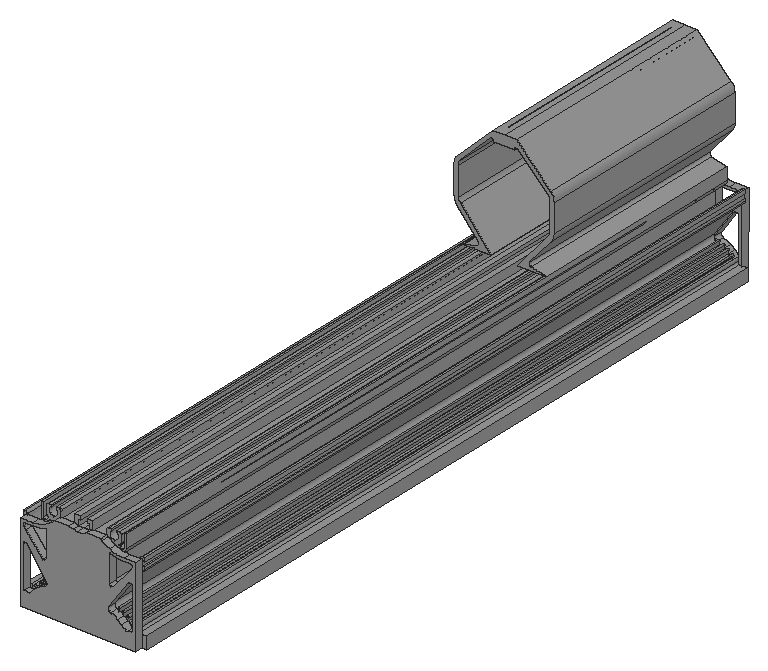
Revit family "L-street 24 Standart", category Осветительные приборы, Revit 2017 (continued)
Forms (mm)
  Extrusion 1, solid, material "Алюминий"
    sketch origin (0, 0, 18.204) x (0, 0, -1) y (-1, 0, 0)
      loop
        arc (6.186, -28.665) -> (7.078, -29.537) -> (8.024, -30.351) r 20
        arc (8.024, -30.351) -> (5.97, -30.775) -> (4.839, -32.541) r 2.7
        line (4.839, -32.541) -> (6.022, -32.745)
        arc (6.022, -32.745) -> (8.889, -32.434) -> (6.621, -34.216) r 1.5
        line (6.621, -34.216) -> (5.767, -35.07)
        arc (5.767, -35.07) -> (7.023, -35.657) -> (8.404, -35.544) r 2.7
        arc (8.404, -35.544) -> (9.292, -35.666) -> (9.704, -36.461) r 0.973
        line (9.704, -36.461) -> (9.704, -41.984) -> (18.204, -41.984) -> (18.204, -37.084) -> (18.545, -33.187) -> (17.549, -33.099) -> (17.2, -37.084) -> (13.7, -37.084) -> (13.7, -36.084) -> (11.7, -36.084) -> (11.7, -33.084) -> (13.7, -33.084) -> (13.7, -31.479)
        arc (13.7, -31.479) -> (6.173, -25.647) -> (2.661, -16.796) r 18.05
        line (2.661, -16.796) -> (2.661, -14.8) -> (1.7, -14.8) -> (1.7, -16.8) -> (0, -16.8) -> (0, 16.8) -> (1.7, 16.8) -> (1.7, 14.8) -> (2.661, 14.8) -> (2.661, 16.796)
        arc (2.661, 16.796) -> (6.173, 25.647) -> (13.7, 31.479) r 18.05
        line (13.7, 31.479) -> (13.7, 33.084) -> (11.7, 33.084) -> (11.7, 36.084) -> (13.7, 36.084) -> (13.7, 37.084) -> (17.2, 37.084) -> (17.549, 33.099) -> (18.545, 33.187) -> (18.204, 37.084) -> (18.204, 41.984) -> (9.704, 41.984) -> (9.704, 36.461)
        arc (9.704, 36.461) -> (9.292, 35.666) -> (8.404, 35.544) r 0.973
        arc (8.404, 35.544) -> (7.023, 35.657) -> (5.767, 35.07) r 2.7
        line (5.767, 35.07) -> (6.621, 34.216)
        arc (6.621, 34.216) -> (8.889, 32.434) -> (6.022, 32.745) r 1.5
        line (6.022, 32.745) -> (4.839, 32.541)
        arc (4.839, 32.541) -> (5.97, 30.775) -> (8.024, 30.351) r 2.7
        arc (8.024, 30.351) -> (7.078, 29.537) -> (6.186, 28.665) r 20
        line (6.186, 28.665) -> (3.275, 29.39)
        arc (3.275, 29.39) -> (2.615, 29.11) -> (2.914, 28.459) r 0.5
        line (2.914, 28.459) -> (5.258, 27.63)
        arc (5.258, 27.63) -> (4.656, 26.874) -> (4.092, 26.09) r 20
        line (4.092, 26.09) -> (1.218, 26.597)
        arc (1.218, 26.597) -> (0.639, 26.346) -> (0.896, 25.771) r 0.443
        line (0.896, 25.771) -> (3.314, 24.86)
        arc (3.314, 24.86) -> (2.855, 24.026) -> (2.436, 23.171) r 20
        line (2.436, 23.171) -> (-0.089, 23.801)
        arc (-0.089, 23.801) -> (-0.684, 23.515) -> (-0.402, 22.919) r 0.468
        line (-0.402, 22.919) -> (1.857, 22.1)
        arc (1.857, 22.1) -> (0.126, 19.584) -> (-2.918, 19.842) r 3.04
        line (-2.918, 19.842) -> (-27.206, 36.849)
        arc (-27.206, 36.849) -> (-27.946, 37.591) -> (-28.386, 38.542) r 3
        line (-28.386, 38.542) -> (-28.386, 39.517)
        arc (-28.386, 39.517) -> (-28.687, 40.242) -> (-29.412, 40.542) r 1.025
        line (-29.412, 40.542) -> (-30.84, 40.542) -> (-30.84, 39.308) -> (-33.886, 39.308) -> (-33.886, 40.542) -> (-36.386, 40.542) -> (-36.386, 39.273)
        arc (-36.386, 39.273) -> (-35.928, 38.18) -> (-34.826, 37.742) r 1.531
        arc (-34.826, 37.742) -> (-31.33, 37.307) -> (-28.098, 35.904) r 12.359
        line (-28.098, 35.904) -> (-14.58, 24.404)
        arc (-14.58, 24.404) -> (-13.854, 21.637) -> (-16.2, 20) r 2.5
        line (-16.2, 20) -> (-32.5, 20)
        arc (-32.5, 20) -> (-35.361, 20.286) -> (-36.722, 22.819) r 3.06
        line (-36.722, 22.819) -> (-35.412, 24.129)
        arc (-35.412, 24.129) -> (-34.917, 26.793) -> (-37.226, 28.21) r 2.392
        line (-37.226, 28.21) -> (-45.997, 28.21) -> (-45.997, 27.21) -> (-37.197, 27.21)
        arc (-37.197, 27.21) -> (-35.836, 26.397) -> (-36.119, 24.837) r 1.392
        line (-36.119, 24.837) -> (-37.429, 23.526)
        arc (-37.429, 23.526) -> (-38.007, 23.392) -> (-38.453, 23.784) r 0.649
        arc (-38.453, 23.784) -> (-39.064, 24.548) -> (-40, 24.837) r 1.662
        line (-40, 24.837) -> (-44.68, 24.837)
        arc (-44.68, 24.837) -> (-45.611, 24.451) -> (-45.997, 23.52) r 1.316
        line (-45.997, 23.52) -> (-45.997, 21.637) -> (-44.911, 21.637)
        arc (-44.911, 21.637) -> (-39.695, 20.307) -> (-44.795, 18.584) r 2.807
        line (-44.795, 18.584) -> (-45.997, 18.584) -> (-45.997, 16.629)
        arc (-45.997, 16.629) -> (-45.618, 15.715) -> (-44.704, 15.337) r 1.292
        line (-44.704, 15.337) -> (-40, 15.337) -> (-40, 5.937) -> (-45.997, 5.937) -> (-45.997, 2.437) -> (-43.997, 2.437) -> (-43.997, 3.9) -> (-40, 3.9) -> (-40, 0)
    from -250 to 250
  Extrusion 2, solid, material "Стекло, прозрачное остекление"
    sketch origin (0, 0, 18.2) x (1, 0, 0) y (0, 0, 1)
      loop
        line (35.725, -12.627) -> (33.542, -12.627) -> (33.542, -13.958) -> (0, -13.958) -> (-33.542, -13.958) -> (-33.542, -12.627) -> (-35.725, -12.627) -> (-35.725, -16.399) -> (0, -16.399) -> (35.725, -16.399) -> (35.725, -12.627)
    from -250 to 250
  Extrusion 3, solid, material "Алюминий"
    sketch origin (0, -250, 18.204) x (0, 0, 1) y (-1, 0, 0)
      loop
        line (-18.204, 38.587) -> (-18.204, 0) -> (-18.204, -38.587) -> (34.716, -38.587) -> (34.716, -30.234)
        arc (34.716, -30.234) -> (35.315, -25.375) -> (37.076, -20.808) r 20
        line (37.076, -20.808) -> (40.095, -15.977)
        arc (40.095, -15.977) -> (40.483, -15.566) -> (41, -15.337) r 1.436
        line (41, -15.337) -> (41, -5.937)
        arc (41, -5.937) -> (40.263, -5.034) -> (40, -3.9) r 2.574
        line (40, -3.9) -> (40, 0) -> (40, 3.9)
        arc (40, 3.9) -> (40.263, 5.034) -> (41, 5.937) r 2.574
        line (41, 5.937) -> (41, 15.337)
        arc (41, 15.337) -> (40.483, 15.566) -> (40.095, 15.977) r 1.436
        line (40.095, 15.977) -> (37.076, 20.808)
        arc (37.076, 20.808) -> (35.315, 25.375) -> (34.716, 30.234) r 20
        line (34.716, 30.234) -> (34.716, 38.587) -> (-18.204, 38.587)
      loop
        line (33.166, 28.684) -> (33.166, 34.613)
        arc (33.166, 34.613) -> (32.488, 35.941) -> (31.014, 36.168) r 1.637
        arc (31.014, 36.168) -> (29.82, 35.696) -> (28.687, 35.092) r 11.359
        line (28.687, 35.092) -> (15.228, 23.643)
        arc (15.228, 23.643) -> (14.792, 21.982) -> (16.2, 21) r 1.5
        line (16.2, 21) -> (34.702, 21)
        arc (34.702, 21) -> (33.554, 24.766) -> (33.166, 28.684) r 20
      loop
        arc (20.952, 33.691) -> (21.557, 35.474) -> (20.038, 36.587) r 1.592
        line (20.038, 36.587) -> (-7.914, 36.587)
        arc (-7.914, 36.587) -> (-8.104, 34.311) -> (-8.704, 32.106) r 12.546
        arc (-8.704, 32.106) -> (-7.015, 30.814) -> (-5.465, 29.358) r 21
        arc (-5.465, 29.358) -> (-4.309, 28.052) -> (-3.266, 26.655) r 21
        arc (-3.266, 26.655) -> (-1.843, 24.244) -> (-0.754, 21.666) r 21
        arc (-0.754, 21.666) -> (0.545, 20.392) -> (2.344, 20.661) r 2.04
        line (2.344, 20.661) -> (20.952, 33.691)
      loop
        arc (33.166, -28.684) -> (33.554, -24.766) -> (34.702, -21) r 20
        line (34.702, -21) -> (16.2, -21)
        arc (16.2, -21) -> (14.792, -21.982) -> (15.228, -23.643) r 1.5
        line (15.228, -23.643) -> (28.687, -35.092)
        arc (28.687, -35.092) -> (29.82, -35.696) -> (31.014, -36.168) r 11.359
        arc (31.014, -36.168) -> (32.488, -35.941) -> (33.166, -34.613) r 1.637
        line (33.166, -34.613) -> (33.166, -28.684)
      loop
        line (20.952, -33.691) -> (2.344, -20.661)
        arc (2.344, -20.661) -> (0.545, -20.392) -> (-0.754, -21.666) r 2.04
        arc (-0.754, -21.666) -> (-1.843, -24.244) -> (-3.266, -26.655) r 21
        arc (-3.266, -26.655) -> (-4.309, -28.052) -> (-5.465, -29.358) r 21
        arc (-5.465, -29.358) -> (-7.015, -30.814) -> (-8.704, -32.106) r 21
        arc (-8.704, -32.106) -> (-8.104, -34.311) -> (-7.914, -36.587) r 12.546
        line (-7.914, -36.587) -> (20.038, -36.587)
        arc (20.038, -36.587) -> (21.557, -35.474) -> (20.952, -33.691) r 1.592
    from 0 to 5
  Extrusion 4, void, not visible
    sketch origin (35, -700, -9) x (-1, 0, 0) y (0, -1, 0)
      loop
        line (-10.502, -455) -> (-11.632, -455) -> (-11.632, -465) -> (2.047, -465) -> (2.047, -455) -> (-10.502, -455)
    from 0 to 1.5
  Extrusion 5, solid, material "Алюминий"
    sketch origin (0, 250, 18.204) x (0, 0, 1) y (1, 0, 0)
      loop
        line (-18.204, -38.587) -> (34.716, -38.587) -> (34.716, -30.234)
        arc (34.716, -30.234) -> (35.315, -25.375) -> (37.076, -20.808) r 20
        line (37.076, -20.808) -> (40.095, -15.977)
        arc (40.095, -15.977) -> (40.483, -15.566) -> (41, -15.337) r 1.436
        line (41, -15.337) -> (41, -5.937)
        arc (41, -5.937) -> (40.263, -5.034) -> (40, -3.9) r 2.574
        line (40, -3.9) -> (40, 0) -> (40, 3.9)
        arc (40, 3.9) -> (40.263, 5.034) -> (41, 5.937) r 2.574
        line (41, 5.937) -> (41, 15.337)
        arc (41, 15.337) -> (40.483, 15.566) -> (40.095, 15.977) r 1.436
        line (40.095, 15.977) -> (37.076, 20.808)
        arc (37.076, 20.808) -> (35.315, 25.375) -> (34.716, 30.234) r 20
        line (34.716, 30.234) -> (34.716, 38.587) -> (-18.204, 38.587) -> (-18.204, 0) -> (-18.204, -38.587)
      loop
        arc (33.166, -28.684) -> (33.554, -24.766) -> (34.702, -21) r 20
        line (34.702, -21) -> (16.2, -21)
        arc (16.2, -21) -> (14.792, -21.982) -> (15.228, -23.643) r 1.5
        line (15.228, -23.643) -> (28.687, -35.092)
        arc (28.687, -35.092) -> (29.82, -35.696) -> (31.014, -36.168) r 11.359
        arc (31.014, -36.168) -> (32.488, -35.941) -> (33.166, -34.613) r 1.637
        line (33.166, -34.613) -> (33.166, -28.684)
      loop
        line (20.952, -33.691) -> (2.344, -20.661)
        arc (2.344, -20.661) -> (0.545, -20.392) -> (-0.754, -21.666) r 2.04
        arc (-0.754, -21.666) -> (-1.843, -24.244) -> (-3.266, -26.655) r 21
        arc (-3.266, -26.655) -> (-4.309, -28.052) -> (-5.465, -29.358) r 21
        arc (-5.465, -29.358) -> (-7.015, -30.814) -> (-8.704, -32.106) r 21
        arc (-8.704, -32.106) -> (-8.104, -34.311) -> (-7.914, -36.587) r 12.546
        line (-7.914, -36.587) -> (20.038, -36.587)
        arc (20.038, -36.587) -> (21.557, -35.474) -> (20.952, -33.691) r 1.592
      loop
        line (33.166, 28.684) -> (33.166, 34.613)
        arc (33.166, 34.613) -> (32.488, 35.941) -> (31.014, 36.168) r 1.637
        arc (31.014, 36.168) -> (29.82, 35.696) -> (28.687, 35.092) r 11.359
        line (28.687, 35.092) -> (15.228, 23.643)
        arc (15.228, 23.643) -> (14.792, 21.982) -> (16.2, 21) r 1.5
        line (16.2, 21) -> (34.702, 21)
        arc (34.702, 21) -> (33.554, 24.766) -> (33.166, 28.684) r 20
      loop
        arc (20.952, 33.691) -> (21.557, 35.474) -> (20.038, 36.587) r 1.592
        line (20.038, 36.587) -> (-7.914, 36.587)
        arc (-7.914, 36.587) -> (-8.104, 34.311) -> (-8.704, 32.106) r 12.546
        arc (-8.704, 32.106) -> (-7.015, 30.814) -> (-5.465, 29.358) r 21
        arc (-5.465, 29.358) -> (-4.309, 28.052) -> (-3.266, 26.655) r 21
        arc (-3.266, 26.655) -> (-1.843, 24.244) -> (-0.754, 21.666) r 21
        arc (-0.754, 21.666) -> (0.545, 20.392) -> (2.344, 20.661) r 2.04
        line (2.344, 20.661) -> (20.952, 33.691)
    from 0 to 5
  Extrusion 6, solid, material "Алюминий"
    sketch origin (0, 250, 18.204) x (0, 0, -1) y (-1, 0, 0)
      loop
        line (-120.797, 0) -> (-120.797, -8) -> (-97.746, -31.051)
        arc (-97.746, -31.051) -> (-95.144, -32.789) -> (-92.074, -33.4) r 8.022
        line (-92.074, -33.4) -> (-73.402, -33.4)
        arc (-73.402, -33.4) -> (-70.671, -32.92) -> (-68.268, -31.536) r 8.001
        line (-68.268, -31.536) -> (-50.982, -17.077)
        arc (-50.982, -17.077) -> (-49.523, -16.797) -> (-48.514, -17.888) r 1.53
        line (-48.514, -17.888) -> (-45.997, -28.21) -> (-45.997, -8.996) -> (-70.193, -29.235)
        arc (-70.193, -29.235) -> (-71.695, -30.1) -> (-73.401, -30.4) r 5
        line (-73.401, -30.4) -> (-92.083, -30.4)
        arc (-92.083, -30.4) -> (-93.996, -30.019) -> (-95.618, -28.936) r 5
        line (-95.618, -28.936) -> (-115.815, -8.739)
        arc (-115.815, -8.739) -> (-116.066, -7.474) -> (-114.994, -6.757) r 1.161
        line (-114.994, -6.757) -> (-114.156, -6.757) -> (-114.156, 0) -> (-114.156, 6.757) -> (-114.994, 6.757)
        arc (-114.994, 6.757) -> (-116.066, 7.474) -> (-115.815, 8.739) r 1.161
        line (-115.815, 8.739) -> (-95.618, 28.936)
        arc (-95.618, 28.936) -> (-93.996, 30.019) -> (-92.083, 30.4) r 5
        line (-92.083, 30.4) -> (-73.401, 30.4)
        arc (-73.401, 30.4) -> (-71.695, 30.1) -> (-70.193, 29.235) r 5
        line (-70.193, 29.235) -> (-45.997, 8.996) -> (-45.997, 28.21) -> (-48.514, 17.888)
        arc (-48.514, 17.888) -> (-49.523, 16.797) -> (-50.982, 17.077) r 1.53
        line (-50.982, 17.077) -> (-68.268, 31.536)
        arc (-68.268, 31.536) -> (-70.671, 32.92) -> (-73.402, 33.4) r 8.001
        line (-73.402, 33.4) -> (-92.074, 33.4)
        arc (-92.074, 33.4) -> (-95.144, 32.789) -> (-97.746, 31.051) r 8.022
        line (-97.746, 31.051) -> (-120.797, 8) -> (-120.797, 0)
    from 0 to -150
Dimensions and locks
  aligned and locked: level to plane 2
Connectors
  electrical at (0, 250, 102.763), driven by "Apparent Load", driven by "Классификация нагрузок"
    settings: on Extrusion 6, index 1, voltage 230 V, apparent load 0 VA, apparent load phase1 32 VA, apparent load phase2 0 VA, apparent load phase3 0 VA, power factor 1, load classification "Освещение", number of poles 1, system type 31, power factor state 1, is connector primary yes, connector utility no, sub classification motor no, connector description ""
Types (7, lengths in mm): name | built-in parameter 1150134 | Файл фотометрической сетки | built-in parameter 1150105 | Lumens | built-in parameter 1150106 | built-in parameter 1150142 | Wattage | built-in parameter 1150107 | Артикул
  (no name) | 12 | "L-street 24-32-LLI8-5.0K-01 Standart.ies" | 340.19 (stored number, unit not read) | 4275 lm | 3.4019 (stored number, unit not read) | "IESNA:LM-63-1995\r\n[TEST]LEDEL\r\n[DATA]28.11.2018\r\n[MANUFAC]LEDEL\r\n[LUMCAT]L-street 24/32/Ш8/5.0К/01 Standart\r\n[LUMINAIRE]Для освещения городских улиц, придомовых территорий, парков и пр\r\n[LAMPCAT]LED \r\n[LAMP]OSRAM OSLON SQUARE\r\nTILT=NONE\r\n\r\n1 4275 1 73 145 1 2 0.533 0.083 0.148\r\n1 1 32\r\n0 2.5 5 7.5 10 12.5 15 17.5 20 22.5 25 27.5 30 32.5 35 37.5 40 42.5 45 47.5 50 52.5 55 57.5 60 62.5 65 67.5 70 72.5 75 77.5 80 82.5\r\n 85 87.5 90 92.5 95 97.5 100 102.5 105 107.5 110 112.5 115 117.5 120 122.5 125 127.5 130 132.5 135 137.5 140 142.5 145 147.5 150 \r\n152.5 155 157.5 160 162.5 165 167.5 170 172.5 175 177.5 180\r\n0 2.5 5 7.5 10 12.5 15 17.5 20 22.5 25 27.5 30 32.5 35 37.5 40 42.5 45 47.5 50 52.5 55 57.5 60 62.5 65 67.5 70 72.5 75 77.5 80 82.5\r\n 85 87.5 90 92.5 95 97.5 100 102.5 105 107.5 110 112.5 115 117.5 120 122.5 125 127.5 130 132.5 135 137.5 140 142.5 145 147.5 150 \r\n152.5 155 157.5 160 162.5 165 167.5 170 172.5 175 177.5 180 182.5 185 187.5 190 192.5 195 197.5 200 202.5 205 207.5 210 212.5 215 \r\n217.5 220 222.5 225 227.5 230 232.5 235 237.5 240 242.5 245 247.5 250 252.5 255 257.5 260 262.5 265 267.5 270 272.5 275 277.5 280 \r\n282.5 285 287.5 290 292.5 295 297.5 300 302.5 305 307.5 310 312.5 315 317.5 320 322.5 325 327.5 330 332.5 335 337.5 340 342.5 345 \r\n347.5 350 352.5 355 357.5 360\r\n1229.747 1265.943 1265.943 1269.953 1280.837 1295.157 1310.051 1326.09 1342.702 1358.741 1375.353 1389.673 1401.13 1410.295 \r\n1412.014 1410.868 1409.722 1409.15 1406.285 1400.557 1392.538 1384.518 1371.916 1353.013 1328.954 1299.74 1233.865 1099.251 866.111\r\n 402.696 123.157 55.564 61.292 69.885 69.312 64.156 51.554 0.00 0.00 0.00 0.00 0.00 0.00 0.00 0.00 0.00 0.00 0.00 0.00 0.00 0.00 \r\n0.00 0.00 0.00 0.00 0.00 0.00 0.00 0.00 0.00 0.00 0.00 0.00 0.00 0.00 0.00 0.00 0.00 0.00 0.00 0.00 0.00 0.00\r\n1229.747 1267.948 1272.817 1280.264 1292.007 1306.328 1321.794 1337.26 1352.154 1365.329 1378.217 1388.241 1393.97 1398.552 \r\n1398.839 1397.693 1397.12 1397.121 1394.829 1390.246 1381.654 1371.057 1358.741 1340.697 1303.177 1218.972 1048.27 788.494 505.805 \r\n238.295 92.511 55.278 54.132 54.705 49.836 42.103 34.083 0.00 0.00 0.00 0.00 0.00 0.00 0.00 0.00 0.00 0.00 0.00 0.00 0.00 0.00 0.00\r\n 0.00 0.00 0.00 0.00 0.00 0.00 0.00 0.00 0.00 0.00 0.00 0.00 0.00 0.00 0.00 0.00 0.00 0.00 0.00 0.00 0.00\r\n1229.747 1269.953 1279.691 1290.575 1303.177 1317.498 1333.537 1348.43 1361.605 1371.916 1381.081 1386.809 1386.809 1386.809 \r\n1385.664 1384.518 1384.518 1385.091 1383.372 1379.935 1370.77 1357.595 1345.566 1328.381 1277.40 1138.203 862.674 477.736 145.498 \r\n73.894 61.865 54.991 46.972 39.525 30.36 20.049 16.612 0.00 0.00 0.00 0.00 0.00 0.00 0.00 0.00 0.00 0.00 0.00 0.00 0.00 0.00 0.00 \r\n0.00 0.00 0.00 0.00 0.00 0.00 0.00 0.00 0.00 0.00 0.00 0.00 0.00 0.00 0.00 0.00 0.00 0.00 0.00 0.00 0.00\r\n1229.747 1266.23 1273.677 1282.842 1293.439 1305.469 1319.216 1331.246 1341.843 1349.862 1356.736 1359.887 1358.168 1357.023 \r\n1355.018 1353.586 1353.586 1354.445 1355.59 1354.445 1348.43 1340.697 1336.687 1328.668 1284.274 1142.213 854.369 458.547 134.901 \r\n72.176 60.72 53.273 46.113 38.093 28.642 19.19 16.612 0.00 0.00 0.00 0.00 0.00 0.00 0.00 0.00 0.00 0.00 0.00 0.00 0.00 0.00 0.00 \r\n0.00 0.00 0.00 0.00 0.00 0.00 0.00 0.00 0.00 0.00 0.00 0.00 0.00 0.00 0.00 0.00 0.00 0.00 0.00 0.00 0.00\r\n1229.747 1262.506 1267.662 1275.108 1283.701 1293.439 1304.895 1314.061 1322.08 1327.808 1332.391 1332.964 1329.527 1327.236 \r\n1324.371 1322.653 1322.653 1323.799 1327.808 1328.954 1326.09 1323.799 1327.808 1328.954 1291.148 1146.223 846.063 439.357 124.303 \r\n70.457 59.574 51.554 45.253 36.661 26.923 18.33 16.612 0.00 0.00 0.00 0.00 0.00 0.00 0.00 0.00 0.00 0.00 0.00 0.00 0.00 0.00 0.00 \r\n0.00 0.00 0.00 0.00 0.00 0.00 0.00 0.00 0.00 0.00 0.00 0.00 0.00 0.00 0.00 0.00 0.00 0.00 0.00 0.00 0.00\r\n1229.747 1257.637 1261.361 1266.516 1272.531 1280.264 1289.143 1295.444 1300.886 1304.609 1306.901 1305.755 1300.60 1296.017 \r\n1291.148 1288.57 1288.857 1292.007 1298.594 1302.604 1304.896 1308.906 1318.643 1318.93 1268.808 1102.402 785.916 389.808 112.56 \r\n67.593 57.283 49.549 43.248 35.229 26.064 18.044 16.326 0.00 0.00 0.00 0.00 0.00 0.00 0.00 0.00 0.00 0.00 0.00 0.00 0.00 0.00 0.00 \r\n0.00 0.00 0.00 0.00 0.00 0.00 0.00 0.00 0.00 0.00 0.00 0.00 0.00 0.00 0.00 0.00 0.00 0.00 0.00 0.00 0.00\r\n1229.747 1252.768 1255.06 1257.924 1261.361 1267.089 1273.39 1276.827 1279.691 1281.41 1281.41 1278.545 1271.672 1264.798 1257.924 \r\n1254.487 1255.06 1260.215 1269.38 1276.254 1283.701 1294.012 1309.478 1308.905 1246.467 1058.581 725.769 340.258 100.817 64.729 \r\n54.991 47.544 41.243 33.797 25.204 17.758 16.039 0.00 0.00 0.00 0.00 0.00 0.00 0.00 0.00 0.00 0.00 0.00 0.00 0.00 0.00 0.00 0.00 \r\n0.00 0.00 0.00 0.00 0.00 0.00 0.00 0.00 0.00 0.00 0.00 0.00 0.00 0.00 0.00 0.00 0.00 0.00 0.00 0.00\r\n1229.747 1249.331 1249.045 1250.191 1251.337 1254.773 1258.21 1259.07 1258.783 1258.211 1255.919 1251.05 1241.885 1231.861 1222.982\r\n 1218.686 1219.258 1224.987 1234.438 1244.176 1253.628 1263.08 1269.953 1253.914 1167.99 960.914 634.977 295.292 96.235 62.438 \r\n52.414 45.253 39.239 32.651 24.918 17.758 16.039 0.00 0.00 0.00 0.00 0.00 0.00 0.00 0.00 0.00 0.00 0.00 0.00 0.00 0.00 0.00 0.00 \r\n0.00 0.00 0.00 0.00 0.00 0.00 0.00 0.00 0.00 0.00 0.00 0.00 0.00 0.00 0.00 0.00 0.00 0.00 0.00 0.00\r\n1229.747 1245.894 1243.03 1242.457 1241.312 1242.457 1243.03 1241.312 1237.875 1235.011 1230.428 1223.554 1212.098 1198.923 \r\n1188.039 1182.884 1183.456 1189.758 1199.496 1212.098 1223.554 1232.147 1230.428 1198.923 1089.513 863.247 544.184 250.325 91.652 \r\n60.147 49.836 42.962 37.234 31.505 24.631 17.758 16.039 0.00 0.00 0.00 0.00 0.00 0.00 0.00 0.00 0.00 0.00 0.00 0.00 0.00 0.00 0.00 \r\n0.00 0.00 0.00 0.00 0.00 0.00 0.00 0.00 0.00 0.00 0.00 0.00 0.00 0.00 0.00 0.00 0.00 0.00 0.00 0.00 0.00\r\n1229.747 1241.598 1237.016 1234.724 1231.574 1229.855 1227.851 1224.127 1218.113 1212.385 1205.797 1196.345 1182.311 1167.418 \r\n1155.102 1147.369 1145.364 1148.515 1154.816 1161.403 1164.553 1159.971 1138.49 1083.212 961.773 750.974 469.43 221.97 92.511 \r\n59.288 48.118 41.53 36.088 30.646 23.199 17.185 16.039 0.00 0.00 0.00 0.00 0.00 0.00 0.00 0.00 0.00 0.00 0.00 0.00 0.00 0.00 0.00 \r\n0.00 0.00 0.00 0.00 0.00 0.00 0.00 0.00 0.00 0.00 0.00 0.00 0.00 0.00 0.00 0.00 0.00 0.00 0.00 0.00 0.00\r\n1229.747 1237.302 1231.001 1226.991 1221.836 1217.253 1212.671 1206.942 1198.35 1189.758 1181.165 1169.136 1152.524 1135.912 \r\n1122.164 1111.853 1107.271 1107.271 1110.135 1110.708 1105.552 1087.795 1046.551 967.501 834.033 638.70 394.676 193.615 93.37 \r\n58.428 46.399 40.098 34.942 29.787 21.767 16.612 16.039 0.00 0.00 0.00 0.00 0.00 0.00 0.00 0.00 0.00 0.00 0.00 0.00 0.00 0.00 0.00 \r\n0.00 0.00 0.00 0.00 0.00 0.00 0.00 0.00 0.00 0.00 0.00 0.00 0.00 0.00 0.00 0.00 0.00 0.00 0.00 0.00 0.00\r\n1229.747 1232.433 1224.70 1218.113 1210.38 1203.506 1196.346 1188.326 1178.015 1166.845 1154.529 1139.636 1121.878 1102.688 \r\n1086.649 1073.188 1063.45 1055.717 1046.838 1031.658 1005.022 960.055 891.316 796.227 667.055 499.79 311.044 161.537 84.492 54.132 \r\n43.821 37.52 32.651 27.209 20.622 16.326 15.466 0.00 0.00 0.00 0.00 0.00 0.00 0.00 0.00 0.00 0.00 0.00 0.00 0.00 0.00 0.00 0.00 \r\n0.00 0.00 0.00 0.00 0.00 0.00 0.00 0.00 0.00 0.00 0.00 0.00 0.00 0.00 0.00 0.00 0.00 0.00 0.00 0.00\r\n1229.747 1227.564 1218.399 1209.234 1198.923 1189.758 1180.02 1169.709 1157.679 1143.932 1127.892 1110.135 1091.232 1069.464 \r\n1051.134 1034.522 1019.629 1004.162 983.541 952.608 904.491 832.315 736.08 624.952 500.076 360.88 227.412 129.458 75.613 49.836 \r\n41.243 34.942 30.36 24.631 19.476 16.039 14.893 0.00 0.00 0.00 0.00 0.00 0.00 0.00 0.00 0.00 0.00 0.00 0.00 0.00 0.00 0.00 0.00 \r\n0.00 0.00 0.00 0.00 0.00 0.00 0.00 0.00 0.00 0.00 0.00 0.00 0.00 0.00 0.00 0.00 0.00 0.00 0.00 0.00\r\n1229.747 1223.554 1212.671 1201.787 1188.899 1176.869 1165.127 1152.524 1138.776 1122.738 1104.407 1084.931 1064.882 1041.396 \r\n1018.197 995.284 971.798 946.307 913.084 866.112 800.523 717.75 625.525 527.858 424.75 321.069 219.106 128.026 73.035 48.69 39.811 \r\n33.51 28.642 23.772 18.617 15.466 14.607 0.00 0.00 0.00 0.00 0.00 0.00 0.00 0.00 0.00 0.00 0.00 0.00 0.00 0.00 0.00 0.00 0.00 0.00 \r\n0.00 0.00 0.00 0.00 0.00 0.00 0.00 0.00 0.00 0.00 0.00 0.00 0.00 0.00 0.00 0.00 0.00 0.00\r\n1229.747 1219.544 1206.942 1194.34 1178.874 1163.98 1150.233 1135.339 1119.873 1101.543 1080.921 1059.726 1038.532 1013.327 985.259\r\n 956.045 923.967 888.452 842.626 779.615 696.555 603.185 514.97 430.764 349.423 281.257 210.80 126.594 70.457 47.544 38.379 32.078 \r\n26.923 22.913 17.758 14.893 14.321 0.00 0.00 0.00 0.00 0.00 0.00 0.00 0.00 0.00 0.00 0.00 0.00 0.00 0.00 0.00 0.00 0.00 0.00 0.00 \r\n0.00 0.00 0.00 0.00 0.00 0.00 0.00 0.00 0.00 0.00 0.00 0.00 0.00 0.00 0.00 0.00 0.00\r\n1229.747 1215.821 1201.787 1186.894 1169.709 1153.097 1137.631 1121.305 1103.834 1084.072 1062.591 1039.964 1016.765 988.696 \r\n956.618 921.676 884.442 841.194 785.344 711.449 623.52 535.592 453.964 377.778 313.049 266.937 211.946 132.036 70.457 47.258 37.52 \r\n31.219 26.637 22.34 17.758 14.893 13.748 0.00 0.00 0.00 0.00 0.00 0.00 0.00 0.00 0.00 0.00 0.00 0.00 0.00 0.00 0.00 0.00 0.00 0.00 \r\n0.00 0.00 0.00 0.00 0.00 0.00 0.00 0.00 0.00 0.00 0.00 0.00 0.00 0.00 0.00 0.00 0.00 0.00\r\n1229.747 1212.098 1196.631 1179.447 1160.543 1142.213 1125.028 1107.271 1087.795 1066.60 1044.26 1020.201 994.997 964.064 927.977 \r\n887.306 844.917 793.935 728.061 643.282 550.485 467.998 392.958 324.792 276.674 252.616 213.091 137.478 70.457 46.972 36.661 30.36 \r\n26.35 21.767 17.758 14.893 13.175 0.00 0.00 0.00 0.00 0.00 0.00 0.00 0.00 0.00 0.00 0.00 0.00 0.00 0.00 0.00 0.00 0.00 0.00 0.00 \r\n0.00 0.00 0.00 0.00 0.00 0.00 0.00 0.00 0.00 0.00 0.00 0.00 0.00 0.00 0.00 0.00 0.00\r\n1229.747 1209.234 1191.476 1172.573 1151.665 1131.33 1112.14 1093.237 1072.329 1050.275 1026.789 1001.012 973.23 938.86 897.904 \r\n852.65 805.965 748.969 673.929 585.714 499.217 423.318 353.147 291.855 255.194 240.30 209.081 144.352 78.191 47.831 36.375 30.074 \r\n25.777 21.481 17.185 14.034 13.175 0.00 0.00 0.00 0.00 0.00 0.00 0.00 0.00 0.00 0.00 0.00 0.00 0.00 0.00 0.00 0.00 0.00 0.00 0.00 \r\n0.00 0.00 0.00 0.00 0.00 0.00 0.00 0.00 0.00 0.00 0.00 0.00 0.00 0.00 0.00 0.00 0.00\r\n1229.747 1206.369 1186.321 1165.699 1142.786 1120.446 1099.251 1079.202 1056.862 1033.949 1009.318 981.822 951.462 913.656 867.83 \r\n817.994 767.013 704.002 619.797 528.145 447.949 378.637 313.335 258.917 233.713 227.984 205.071 151.226 85.924 48.69 36.088 29.787 \r\n25.204 21.195 16.612 13.175 13.175 0.00 0.00 0.00 0.00 0.00 0.00 0.00 0.00 0.00 0.00 0.00 0.00 0.00 0.00 0.00 0.00 0.00 0.00 0.00 \r\n0.00 0.00 0.00 0.00 0.00 0.00 0.00 0.00 0.00 0.00 0.00 0.00 0.00 0.00 0.00 0.00 0.00\r\n1229.747 1201.50 1179.161 1156.248 1132.189 1108.703 1086.649 1064.882 1041.11 1017.051 990.701 960.914 926.545 885.301 836.611 \r\n782.479 723.478 649.87 562.801 477.736 404.128 338.826 279.825 236.577 217.388 209.081 184.45 138.624 85.065 48.977 34.656 28.069 \r\n23.486 19.477 16.039 13.175 12.889 0.00 0.00 0.00 0.00 0.00 0.00 0.00 0.00 0.00 0.00 0.00 0.00 0.00 0.00 0.00 0.00 0.00 0.00 0.00 \r\n0.00 0.00 0.00 0.00 0.00 0.00 0.00 0.00 0.00 0.00 0.00 0.00 0.00 0.00 0.00 0.00 0.00\r\n1229.747 1196.631 1172.00 1146.796 1121.591 1096.96 1074.047 1050.561 1025.357 1000.152 972.084 940.006 901.627 856.946 805.392 \r\n746.964 679.943 595.738 505.804 427.327 360.307 299.015 246.315 214.237 201.062 190.178 163.828 126.022 84.205 49.263 33.224 26.35 \r\n21.767 17.758 15.466 13.175 12.602 0.00 0.00 0.00 0.00 0.00 0.00 0.00 0.00 0.00 0.00 0.00 0.00 0.00 0.00 0.00 0.00 0.00 0.00 0.00 \r\n0.00 0.00 0.00 0.00 0.00 0.00 0.00 0.00 0.00 0.00 0.00 0.00 0.00 0.00 0.00 0.00 0.00\r\n1229.747 1192.335 1165.699 1139.349 1112.713 1087.795 1063.736 1039.678 1013.901 987.837 958.05 923.108 881.865 834.606 781.047 \r\n719.755 645.86 559.077 473.44 399.832 335.389 277.248 229.13 201.062 187.887 174.998 150.08 117.43 82.201 50.982 33.797 25.491 \r\n20.908 17.185 15.18 12.889 12.602 0.00 0.00 0.00 0.00 0.00 0.00 0.00 0.00 0.00 0.00 0.00 0.00 0.00 0.00 0.00 0.00 0.00 0.00 0.00 \r\n0.00 0.00 0.00 0.00 0.00 0.00 0.00 0.00 0.00 0.00 0.00 0.00 0.00 0.00 0.00 0.00 0.00\r\n1229.747 1188.039 1159.398 1131.902 1103.834 1078.63 1053.425 1028.794 1002.444 975.521 944.016 906.209 862.102 812.266 756.702 \r\n692.545 611.777 522.416 441.075 372.336 310.471 255.48 211.945 187.887 174.712 159.818 136.332 108.837 80.196 52.70 34.37 24.631 \r\n20.049 16.612 14.893 12.602 12.602 0.00 0.00 0.00 0.00 0.00 0.00 0.00 0.00 0.00 0.00 0.00 0.00 0.00 0.00 0.00 0.00 0.00 0.00 0.00 \r\n0.00 0.00 0.00 0.00 0.00 0.00 0.00 0.00 0.00 0.00 0.00 0.00 0.00 0.00 0.00 0.00 0.00\r\n1229.747 1185.462 1155.102 1125.888 1096.96 1070.897 1045.406 1019.915 992.993 964.351 931.414 891.602 845.777 795.081 737.226 \r\n666.196 581.418 495.207 419.308 353.433 293.573 241.446 201.348 179.008 164.401 148.075 126.594 101.963 77.332 52.70 34.943 24.631 \r\n19.19 16.326 14.034 12.602 12.602 0.00 0.00 0.00 0.00 0.00 0.00 0.00 0.00 0.00 0.00 0.00 0.00 0.00 0.00 0.00 0.00 0.00 0.00 0.00 \r\n0.00 0.00 0.00 0.00 0.00 0.00 0.00 0.00 0.00 0.00 0.00 0.00 0.00 0.00 0.00 0.00 0.00\r\n1229.747 1182.884 1150.805 1119.873 1090.086 1063.163 1037.386 1011.036 983.541 953.181 918.811 876.995 829.451 777.896 717.75 \r\n639.846 551.058 467.998 397.541 334.53 276.674 227.412 190.751 170.129 154.09 136.332 116.856 95.089 74.467 52.70 35.515 24.631 \r\n18.33 16.039 13.175 12.602 12.602 0.00 0.00 0.00 0.00 0.00 0.00 0.00 0.00 0.00 0.00 0.00 0.00 0.00 0.00 0.00 0.00 0.00 0.00 0.00 \r\n0.00 0.00 0.00 0.00 0.00 0.00 0.00 0.00 0.00 0.00 0.00 0.00 0.00 0.00 0.00 0.00 0.00\r\n1229.747 1182.598 1149.087 1117.295 1086.649 1058.867 1033.09 1006.454 978.672 948.026 912.797 870.121 822.864 774.173 714.313 \r\n631.826 540.747 459.979 392.099 331.093 274.67 224.261 188.46 168.984 153.231 135.187 115.997 96.235 77.045 56.424 38.952 27.209 \r\n19.763 16.326 13.748 12.602 12.602 0.00 0.00 0.00 0.00 0.00 0.00 0.00 0.00 0.00 0.00 0.00 0.00 0.00 0.00 0.00 0.00 0.00 0.00 0.00 \r\n0.00 0.00 0.00 0.00 0.00 0.00 0.00 0.00 0.00 0.00 0.00 0.00 0.00 0.00 0.00 0.00 0.00\r\n1229.747 1182.311 1147.369 1114.717 1083.212 1054.571 1028.794 1001.871 973.803 942.87 906.782 863.247 816.276 770.45 710.876 \r\n623.806 530.436 451.959 386.657 327.656 272.665 221.11 186.168 167.838 152.371 134.041 115.138 97.38 79.623 60.147 42.389 29.787 \r\n21.195 16.612 14.321 12.602 12.602 0.00 0.00 0.00 0.00 0.00 0.00 0.00 0.00 0.00 0.00 0.00 0.00 0.00 0.00 0.00 0.00 0.00 0.00 0.00 \r\n0.00 0.00 0.00 0.00 0.00 0.00 0.00 0.00 0.00 0.00 0.00 0.00 0.00 0.00 0.00 0.00 0.00\r\n1229.747 1174.005 1139.063 1105.266 1073.761 1045.979 1019.343 991.56 962.06 929.409 892.175 849.213 803.674 754.984 685.672 \r\n593.447 503.513 429.333 366.322 308.18 255.194 208.795 179.008 162.11 144.925 126.022 106.259 87.07 69.312 52.414 38.38 27.782 \r\n19.763 15.753 13.462 12.03 12.03 0.00 0.00 0.00 0.00 0.00 0.00 0.00 0.00 0.00 0.00 0.00 0.00 0.00 0.00 0.00 0.00 0.00 0.00 0.00 \r\n0.00 0.00 0.00 0.00 0.00 0.00 0.00 0.00 0.00 0.00 0.00 0.00 0.00 0.00 0.00 0.00 0.00\r\n1229.747 1165.699 1130.757 1095.814 1064.309 1037.386 1009.891 981.249 950.317 915.947 877.568 835.179 791.071 739.517 660.467 \r\n563.087 476.59 406.706 345.986 288.704 237.722 196.479 171.848 156.381 137.478 118.002 97.38 76.759 59.001 44.68 34.37 25.777 18.33\r\n 14.893 12.602 11.457 11.457 0.00 0.00 0.00 0.00 0.00 0.00 0.00 0.00 0.00 0.00 0.00 0.00 0.00 0.00 0.00 0.00 0.00 0.00 0.00 0.00 \r\n0.00 0.00 0.00 0.00 0.00 0.00 0.00 0.00 0.00 0.00 0.00 0.00 0.00 0.00 0.00 0.00\r\n1229.747 1166.272 1130.184 1094.096 1061.731 1034.522 1007.313 978.385 946.594 911.938 872.699 829.737 786.202 733.503 651.016 \r\n553.922 469.717 400.405 341.117 284.122 233.426 193.329 170.989 155.809 136.905 115.997 94.803 74.181 57.283 44.68 34.656 26.35 \r\n19.19 14.893 12.60
